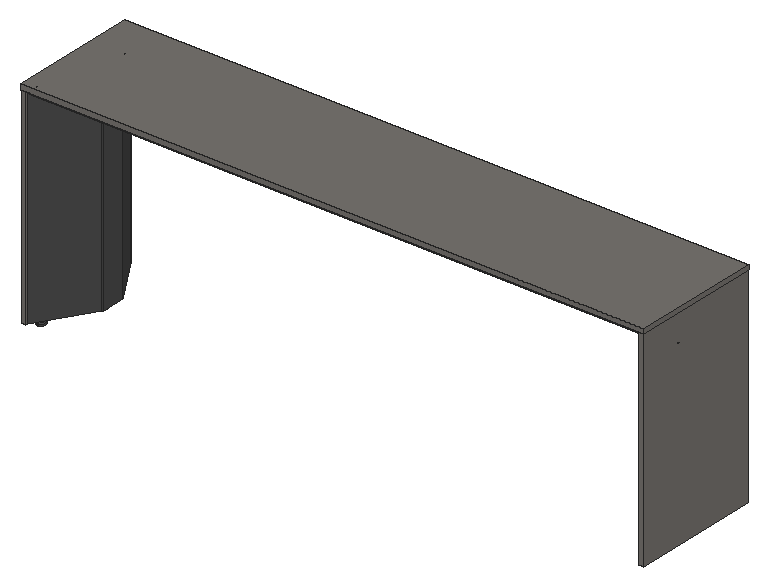
Revit family "Steelcase Turnstone - Campfire - Slim Table", category Furniture, Revit 2016
Family settings
  Work Plane-Based = No
  Always vertical = Yes
  Cut with Voids When Loaded = No
  Shared = No
  Room Calculation Point = No
Parameters (values of type "66W")
  URL = "https://www.steelcase.com"
  Top [instance] = Steelcase - 25L6 Blackwood LPL
  Symbol Name = "TS4TPST"
  Style Number(s) = "TS4TPST"
  Release Date = "April 2018"  # constant formula
  Receptacle = Steelcase - 6249 Platinum Solid
  Product Line = "Turnstone"  # constant formula
  Product = "Campfire"  # constant formula
  Power Cord = Steelcase - 6205 Black
  Opaque [instance] = yes
  Manufacturer = "Steelcase"  # constant formula
  Description = ""
  Copyright = "© 2010 Steelcase Inc."  # constant formula
  AutoCAD Tag = "66/14"
  Authoring Version = "Revit 2016"  # constant formula
  Assembly Code = "E2020200"
Reference planes (in)
  plane 1 "Center Front/Back": y = 0
  plane 2 "Bottom": z = 0
  plane 3 "Center Left/Right": x = 0
  plane 4: x = 66
  plane 5: z = 23.07396
  plane 6: z = 22.559
  plane 7: z = 0.3189
  plane 8: y = -0.0395
  plane 9: y = -13.78576
  plane 10: y = -13.82513
  plane 11: x = 0.07855
  plane 12: x = 65.92143
  plane 13: x = 65.40648
  plane 14: x = 0.59351
  plane 15: x = 0.77099
  plane 16: through (0, -12.76328, 22.1769) normal (0, -0.5736, -0.8192)
  plane 17: through (0, -1.06557, 22.1744) normal (0, -0.5736, 0.8192)
  plane 18: y = -6.91257
Forms (in)
  Extrusion 1, solid, material "Steelcase - 25L6 Blackwood LPL" <- "Top"
    sketch origin (0, 0, 0) x (1, 0, 0) y (0, 1, 0)
      loop
        line (0, -0.0395) -> (0, -13.82513) -> (66, -13.82513) -> (66, -0.0395) -> (0, -0.0395)
    from 22.559 to 23.07396
  Extrusion 2, solid, material "Steelcase - 25L6 Blackwood LPL"
    sketch origin (0, 0, 0) x (1, 0, 0) y (0, 0, 1)
      loop
        line (0.07855, 22.559) -> (0.07855, 0.48902) -> (0.59351, 0.48902) -> (0.59351, 22.559) -> (0.07855, 22.559)
      loop
        line (65.40648, 22.559) -> (65.40648, 0.48902) -> (65.92143, 0.48902) -> (65.92143, 22.559) -> (65.40648, 22.559)
    from 0.0395 to 13.78576
  Extrusion 3, solid, material "Steelcase - 6205 Black" <- "Power Cord"
    sketch origin (0, 0, 0) x (1, 0, 0) y (0, 1, 0)
      loop
        arc (0.59351, -13.6349) -> (0.64317, -13.70086) -> (0.72029, -13.67137) r 0.06863
        line (0.72029, -13.67137) -> (4.05531, -8.16663)
        arc (4.05531, -8.16663) -> (4.10547, -8.05437) -> (4.12264, -7.93262) r 0.44037
        line (4.12264, -7.93262) -> (4.12264, -5.48077)
        arc (4.12264, -5.48077) -> (4.11027, -5.39301) -> (4.07411, -5.3121) r 0.3174
        line (4.07411, -5.3121) -> (0.72112, -0.15522)
        arc (0.72112, -0.15522) -> (0.6435, -0.12554) -> (0.59351, -0.19193) r 0.06908
        line (0.59351, -0.19193) -> (0.59351, -13.6349)
    from 0.48902 to 22.559
  Extrusion 4, solid, material "Steelcase - 6205 Black" <- "Power Cord"
    sketch origin (66, 0, 0) x (-1, 0, 0) y (0, -1, 0)
      loop
        line (0.59352, 13.63489) -> (0.59352, 0.19194)
        arc (0.59352, 0.19194) -> (0.6435, 0.12555) -> (0.72113, 0.15523) r 0.06908
        line (0.72113, 0.15523) -> (4.07411, 5.50035)
        arc (4.07411, 5.50035) -> (4.11027, 5.58126) -> (4.12264, 5.66902) r 0.3174
        line (4.12264, 5.66902) -> (4.12264, 8.12087)
        arc (4.12264, 8.12087) -> (4.10547, 8.24263) -> (4.05531, 8.35489) r 0.44037
        line (4.05531, 8.35489) -> (0.72029, 13.67136)
        arc (0.72029, 13.67136) -> (0.64318, 13.70085) -> (0.59352, 13.63489) r 0.06863
    from 0.48902 to 22.559
  Extrusion 5, solid, material "Steelcase - 6205 Black" <- "Power Cord"
    sketch origin (0, 0, 0) x (0, 1, 0) y (0, 0, 1)
      loop
        line (-0.20242, 22.559) -> (-1.15132, 22.559)
        arc (-1.15132, 22.559) -> (-1.22632, 22.50968) -> (-1.21076, 22.42128) r 0.08169
        line (-1.21076, 22.42128) -> (-1.06924, 22.27112)
        arc (-1.06924, 22.27112) -> (-1.05843, 22.23922) -> (-1.07548, 22.21018) r 0.04049
        line (-1.07548, 22.21018) -> (-5.47515, 19.1295)
        arc (-5.47515, 19.1295) -> (-5.58153, 19.07704) -> (-5.69875, 19.059) r 0.38984
        line (-5.69875, 19.059) -> (-8.14973, 19.059)
        arc (-8.14973, 19.059) -> (-8.24496, 19.07369) -> (-8.33135, 19.11639) r 0.31607
        line (-8.33135, 19.11639) -> (-12.74749, 22.21713)
        arc (-12.74749, 22.21713) -> (-12.76574, 22.24882) -> (-12.75322, 22.28318) r 0.0433
        line (-12.75322, 22.28318) -> (-12.60914, 22.42726)
        arc (-12.60914, 22.42726) -> (-12.59241, 22.51136) -> (-12.66371, 22.559) r 0.07717
        line (-12.66371, 22.559) -> (-13.62482, 22.559)
        arc (-13.62482, 22.559) -> (-13.6991, 22.50755) -> (-13.67706, 22.41992) r 0.07935
        line (-13.67706, 22.41992) -> (-13.49349, 22.25937) -> (-13.65968, 22.4494)
        arc (-13.65968, 22.4494) -> (-13.66679, 22.49761) -> (-13.62582, 22.524) r 0.04498
        line (-13.62582, 22.524) -> (-12.66501, 22.524)
        arc (-12.66501, 22.524) -> (-12.62555, 22.49764) -> (-12.63481, 22.45109) r 0.04271
        line (-12.63481, 22.45109) -> (-12.775, 22.3109)
        arc (-12.775, 22.3109) -> (-12.80038, 22.24117) -> (-12.76328, 22.1769) r 0.0878
        line (-12.76328, 22.1769) -> (-8.35225, 19.08827)
        arc (-8.35225, 19.08827) -> (-8.25528, 19.04045) -> (-8.14841, 19.024) r 0.3554
        line (-8.14841, 19.024) -> (-5.65046, 19.024)
        arc (-5.65046, 19.024) -> (-5.56877, 19.03657) -> (-5.49464, 19.07313) r 0.27165
        line (-5.49464, 19.07313) -> (-1.06557, 22.1744)
        arc (-1.06557, 22.1744) -> (-1.02692, 22.24135) -> (-1.05336, 22.31399) r 0.09146
        line (-1.05336, 22.31399) -> (-1.1922, 22.45283)
        arc (-1.1922, 22.45283) -> (-1.20124, 22.49826) -> (-1.16272, 22.524) r 0.04169
        line (-1.16272, 22.524) -> (-0.19684, 22.524)
        arc (-0.19684, 22.524) -> (-0.15696, 22.4983) -> (-0.16387, 22.45136) r 0.0438
        line (-0.16387, 22.45136) -> (-0.33178, 22.25937) -> (-0.1497, 22.41862)
        arc (-0.1497, 22.41862) -> (-0.12745, 22.50707) -> (-0.20242, 22.559) r 0.08009
    from 0.59351 to 65.40648
  Extrusion 6, solid, material "Steelcase - 6249 Platinum Solid" <- "Receptacle"
    sketch origin (0, -12.76328, 22.1769) x (0, -0.819152, 0.573576) y (-1, 0, 0)
      loop
        line (-2.86306, -31.42039) -> (-4.61306, -31.42039) -> (-4.61306, -34.56436) -> (-2.86306, -34.56436) -> (-2.86306, -31.42039)
    from 0 to 0.04463
  Extrusion 7, solid, material "Steelcase - 6249 Platinum Solid" <- "Receptacle"
    sketch origin (0, -1.06186, 22.1769) x (0, 0.819152, 0.573576) y (1, 0, 0)
      loop
        line (-2.86306, 31.42039) -> (-2.86306, 34.56436) -> (-4.61306, 34.56436) -> (-4.61306, 31.42039) -> (-2.86306, 31.42039)
    from 0 to 0.04463
  Extrusion 8, solid, material "Steelcase - 6249 Platinum Solid" <- "Receptacle"
    sketch origin (0, -12.76328, 22.1769) x (0, -0.819152, 0.573576) y (-1, 0, 0)
      loop
        line (-3.25082, -32.46251) -> (-4.56921, -32.46251) -> (-4.56921, -33.53278) -> (-3.25082, -33.53278) -> (-3.25082, -32.46251)
      loop
        line (-3.44486, -32.68499) -> (-4.02505, -32.68499) -> (-4.02505, -32.8133) -> (-3.44486, -32.8133) -> (-3.44486, -32.68499)
      loop
        line (-3.47839, -33.18299) -> (-3.97839, -33.18299) -> (-3.97839, -33.30767) -> (-3.47839, -33.30767) -> (-3.47839, -33.18299)
      loop
        line (-4.08234, -32.88399) -> (-4.18534, -32.88399) -> (-4.18534, -33.11599) -> (-4.08234, -33.11599) -> (-3.96634, -32.99984) -> (-4.08234, -32.88399)
    from 0 to 0.17324
  Extrusion 9, solid, material "Steelcase - 6249 Platinum Solid" <- "Receptacle"
    sketch origin (0, -1.06186, 22.1769) x (0, 0.819152, 0.573576) y (1, 0, 0)
      loop
        line (-3.25082, 32.46251) -> (-3.25082, 33.53278) -> (-4.56921, 33.53278) -> (-4.56921, 32.46251) -> (-3.25082, 32.46251)
      loop
        line (-3.44486, 32.68499) -> (-3.44486, 32.8133) -> (-4.02505, 32.8133) -> (-4.02505, 32.68499) -> (-3.44486, 32.68499)
      loop
        line (-3.47839, 33.18299) -> (-3.47839, 33.30767) -> (-3.97839, 33.30767) -> (-3.97839, 33.18299) -> (-3.47839, 33.18299)
      loop
        line (-4.08234, 32.88399) -> (-3.96634, 32.99984) -> (-4.08234, 33.11599) -> (-4.18534, 33.11599) -> (-4.18534, 32.88399) -> (-4.08234, 32.88399)
    from 0 to 0.17324
  Revolve 10, solid, material "Steelcase - 6205 Black"
    sketch origin (0.90625, 0, 0) x (0, 1, 0) y (0, 0, 1)
      loop
        line (-1.38728, 1.44086) -> (-1.38728, 0) -> (-0.9493, 0) -> (-0.9493, 0.11883)
        arc (-0.9493, 0.11883) -> (-1.04963, 0.19109) -> (-1.088, 0.30864) r 0.19921
        line (-1.088, 0.30864) -> (-1.088, 0.44428) -> (-1.22845, 0.44428) -> (-1.22845, 1.40005) -> (-1.27149, 1.44086) -> (-1.38728, 1.44086)
      axis (-1.38728, 1.44086) -> (-1.38728, 0)
    angle from 0 to 360
  Revolve 11, solid, material "Steelcase - 6205 Black"
    sketch origin (0.90625, -10.81162, 0) x (0, 1, 0) y (0, 0, 1)
      loop
        line (-1.38728, 1.44086) -> (-1.38728, 0) -> (-0.9493, 0) -> (-0.9493, 0.11883)
        arc (-0.9493, 0.11883) -> (-1.04963, 0.19109) -> (-1.088, 0.30864) r 0.19921
        line (-1.088, 0.30864) -> (-1.088, 0.44428) -> (-1.22845, 0.44428) -> (-1.22845, 1.40005) -> (-1.27149, 1.44086) -> (-1.38728, 1.44086)
      axis (-1.38728, 1.44086) -> (-1.38728, 0)
    angle from 0 to 360
  Revolve 12, solid, material "Steelcase - 6205 Black"
    sketch origin (3.19193, -5.40123, 0) x (0, 1, 0) y (0, 0, 1)
      loop
        line (-1.38728, 1.44086) -> (-1.38728, 0) -> (-0.9493, 0) -> (-0.9493, 0.11883)
        arc (-0.9493, 0.11883) -> (-1.04963, 0.19109) -> (-1.088, 0.30864) r 0.19921
        line (-1.088, 0.30864) -> (-1.088, 0.44428) -> (-1.22845, 0.44428) -> (-1.22845, 1.40005) -> (-1.27149, 1.44086) -> (-1.38728, 1.44086)
      axis (-1.38728, 1.44086) -> (-1.38728, 0)
    angle from 0 to 360
  Revolve 13, solid, material "Steelcase - 6205 Black"
    sketch origin (64.8133, 0, 0) x (0, 1, 0) y (0, 0, -1)
      loop
        line (-1.38728, -1.44086) -> (-1.27149, -1.44086) -> (-1.22845, -1.40005) -> (-1.22845, -0.44428) -> (-1.088, -0.44428) -> (-1.088, -0.30864)
        arc (-1.088, -0.30864) -> (-1.04963, -0.19109) -> (-0.9493, -0.11883) r 0.19921
        line (-0.9493, -0.11883) -> (-0.9493, 0) -> (-1.38728, 0) -> (-1.38728, -1.44086)
      axis (-1.38728, -1.44086) -> (-1.38728, 0)
    angle from 0 to 360
  Revolve 14, solid, material "Steelcase - 6205 Black"
    sketch origin (64.8133, -10.81162, 0) x (0, 1, 0) y (0, 0, -1)
      loop
        line (-1.38728, -1.44086) -> (-1.27149, -1.44086) -> (-1.22845, -1.40005) -> (-1.22845, -0.44428) -> (-1.088, -0.44428) -> (-1.088, -0.30864)
        arc (-1.088, -0.30864) -> (-1.04963, -0.19109) -> (-0.9493, -0.11883) r 0.19921
        line (-0.9493, -0.11883) -> (-0.9493, 0) -> (-1.38728, 0) -> (-1.38728, -1.44086)
      axis (-1.38728, -1.44086) -> (-1.38728, 0)
    angle from 0 to 360
  Revolve 15, solid, material "Steelcase - 6205 Black"
    sketch origin (62.52762, -5.40123, 0) x (0, 1, 0) y (0, 0, -1)
      loop
        line (-1.38728, -1.44086) -> (-1.27149, -1.44086) -> (-1.22845, -1.40005) -> (-1.22845, -0.44428) -> (-1.088, -0.44428) -> (-1.088, -0.30864)
        arc (-1.088, -0.30864) -> (-1.04963, -0.19109) -> (-0.9493, -0.11883) r 0.19921
        line (-0.9493, -0.11883) -> (-0.9493, 0) -> (-1.38728, 0) -> (-1.38728, -1.44086)
      axis (-1.38728, -1.44086) -> (-1.38728, 0)
    angle from 0 to 360
Lines and regions (in)
  Masking region 1, visible <- "Opaque"
    outline origin (0, 0, 0) x (1, 0, 0) y (0, 1, 0)
      loop
        line (66, 0) -> (0, 0) -> (0, -13.82513) -> (66, -13.82513) -> (66, 0)
  symbolic lines, style "Steelcase Furniture"
    curve 1: line (0, 0, 0) -> (66, 0, 0)
    curve 2: line (0, -13.82513, 0) -> (0, 0, 0)
    curve 3: line (66, -13.82513, 0) -> (0, -13.82513, 0)
    curve 4: line (66, 0, 0) -> (66, -13.82513, 0)
Dimensions and locks (in)
  locked: plane 7 to plane 2 "Bottom" at 0.3189
  plane 3 "Center Left/Right" to plane 11 to plane 14 = 0.07855" locked, 0.51496" locked
  plane 13 to plane 12 to plane 4 = 0.51495" locked, 0.07857" locked
  equal spacing: plane 1 "Center Front/Back", plane 18, plane 10
  aligned and locked: level to plane 2 "Bottom"
  aligned and locked: plane 5 to Extrusion 1
  aligned and locked: Extrusion 1 to plane 6
  aligned and locked: Extrusion 1 to plane 8
  aligned and locked: plane 9 to Extrusion 2
  aligned and locked: plane 10 to Extrusion 1
  aligned and locked: plane 6 to Extrusion 2  (x2)
  aligned and locked: Extrusion 2 to plane 9  (x2)
  aligned and locked: Extrusion 2 to plane 8
  aligned and locked: plane 14 to Extrusion 3 sketch curve
  aligned and locked: plane 6 to Extrusion 3
  aligned and locked: Extrusion 4 to plane 13
  aligned and locked: plane 13 to Extrusion 2
  aligned and locked: plane 14 to Extrusion 2
Automatic sketch dimensions
  curve 3 to plane 3 "Center Left/Right" = 0.00"
  curve 3 to plane 4 = 0.00"
  plane 10 to curve 3 = 0.00"
  plane 1 "Center Front/Back" to curve 2 = 0.00"
  Extrusion 1 sketch curve to plane 3 "Center Left/Right" = 0.00"
  Extrusion 1 sketch curve to plane 4 = 0.00"
  plane 10 to Extrusion 1 sketch curve = 0.00"
  plane 8 to Extrusion 1 sketch curve = 0.00"
  Extrusion 2 sketch curve to plane 11 = 0.00"
  Extrusion 2 sketch curve to plane 14 = 0.00"
  Extrusion 2 sketch curve to plane 6 = 0.00"  (x2)
  plane 13 to Extrusion 2 sketch curve = 0.00"
  plane 12 to Extrusion 2 sketch curve = 0.00"
  plane 7 to Extrusion 2 sketch curve = 0.17012"  (x2)
  plane 1 "Center Front/Back" to Masking region 1 sketch curve = 0.00"
  Masking region 1 sketch curve to plane 3 "Center Left/Right" = 0.00"
  Masking region 1 sketch curve to plane 4 = 0.00"
  plane 10 to Masking region 1 sketch curve = 0.00"
  Extrusion 3 sketch curve to Extrusion 3 sketch curve = 0.06863"
  Extrusion 3 sketch curve to Extrusion 3 sketch curve = 0.06908"
  Extrusion 3 sketch curve to plane 15 = 0.0507"
  Extrusion 3 sketch curve to plane 15 = 0.04987"
  plane 15 to Extrusion 3 sketch curve = 2.91128"
  Extrusion 3 sketch curve to Extrusion 3 sketch curve = 0.12296"
  plane 18 to Extrusion 3 sketch curve = 1.25407"
  Extrusion 3 sketch curve to Extrusion 3 sketch curve = 0.37305"
  Extrusion 3 sketch curve to plane 18 = 1.60047"
  Extrusion 3 sketch curve to Extrusion 3 sketch curve = 0.26888"
  Extrusion 3 sketch curve to Extrusion 3 sketch curve = 0.04852"
  Extrusion 3 sketch curve to plane 9 = 0.15086"
  plane 8 to Extrusion 3 sketch curve = 0.15243"
  Extrusion 4 sketch curve to plane 13 = 0.00"
  Extrusion 4 sketch curve to Extrusion 4 sketch curve = 0.06863"
  Extrusion 4 sketch curve to Extrusion 4 sketch curve = 0.06908"
  plane 9 to Extrusion 4 sketch curve = 0.1144"
  Extrusion 4 sketch curve to Extrusion 4 sketch curve = 0.05814"
  Extrusion 4 sketch curve to plane 8 = 0.11573"
  Extrusion 4 sketch curve to Extrusion 4 sketch curve = 0.05852"
  Extrusion 4 sketch curve to plane 13 = 3.08875"
  Extrusion 4 sketch curve to Extrusion 4 sketch curve = 0.12296"
  Extrusion 4 sketch curve to plane 18 = 1.44232"
  Extrusion 4 sketch curve to Extrusion 4 sketch curve = 0.37305"
  plane 18 to Extrusion 4 sketch curve = 1.41222"
  Extrusion 4 sketch curve to Extrusion 4 sketch curve = 0.26888"
  Extrusion 4 sketch curve to Extrusion 4 sketch curve = 0.04852"
  plane 6 to Extrusion 5 sketch curve = 0.00"  (x2)
  Extrusion 5 sketch curve to plane 16 = 0.00"
  plane 16 to Extrusion 5 sketch curve = 0.00"
  Extrusion 5 sketch curve to plane 17 = 0.00"
  Extrusion 5 sketch curve to plane 9 = 0.1087"
  Extrusion 5 sketch curve to Extrusion 5 sketch curve = 0.01738"
  Extrusion 5 sketch curve to Extrusion 5 sketch curve = 0.03386"
  Extrusion 5 sketch curve to Extrusion 5 sketch curve = 0.001"
  Extrusion 5 sketch curve to Extrusion 5 sketch curve = 0.18357"
  Extrusion 5 sketch curve to plane 6 = 0.2481"
  Extrusion 5 sketch curve to Extrusion 5 sketch curve = 0.71849"
  Extrusion 5 sketch curve to plane 6 = 0.3821"
  Extrusion 5 sketch curve to plane 6 = 0.27582"
  Extrusion 5 sketch curve to Extrusion 5 sketch curve = 0.02177"
  Extrusion 5 sketch curve to plane 6 = 0.34187"
  Extrusion 5 sketch curve to Extrusion 5 sketch curve = 0.01579"
  Extrusion 5 sketch curve to Extrusion 5 sketch curve = 0.03062"
  Extrusion 5 sketch curve to Extrusion 5 sketch curve = 0.00969"
  Extrusion 5 sketch curve to plane 6 = 0.035"  (x2)
  Extrusion 5 sketch curve to Extrusion 5 sketch curve = 0.10999"
  Extrusion 5 sketch curve to Extrusion 5 sketch curve = 0.0013"
  Extrusion 5 sketch curve to plane 6 = 0.10791"
  Extrusion 5 sketch curve to Extrusion 5 sketch curve = 0.0289"
  Extrusion 5 sketch curve to plane 6 = 0.13174"
  Extrusion 5 sketch curve to Extrusion 5 sketch curve = 0.02567"
  plane 18 to Extrusion 5 sketch curve = 1.43969"
  Extrusion 5 sketch curve to Extrusion 5 sketch curve = 0.0209"
  Extrusion 5 sketch curve to Extrusion 5 sketch curve = 0.18162"
  Extrusion 5 sketch curve to Extrusion 5 sketch curve = 0.00132"
  Extrusion 5 sketch curve to plane 18 = 1.21381"
  Extrusion 5 sketch curve to Extrusion 5 sketch curve = 0.0483"
  Extrusion 5 sketch curve to Extrusion 5 sketch curve = 0.15581"
  Extrusion 5 sketch curve to Extrusion 5 sketch curve = 0.01949"
  Extrusion 5 sketch curve to plane 6 = 0.13771"
  plane 8 to Extrusion 5 sketch curve = 1.17126"
  Extrusion 5 sketch curve to plane 6 = 0.10617"
  Extrusion 5 sketch curve to Extrusion 5 sketch curve = 0.01856"
  Extrusion 5 sketch curve to Extrusion 5 sketch curve = 0.02948"  (x2)
  Extrusion 5 sketch curve to Extrusion 5 sketch curve = 0.0114"
  Extrusion 5 sketch curve to Extrusion 5 sketch curve = 0.09273"
  Extrusion 5 sketch curve to Extrusion 5 sketch curve = 0.01933"
  Extrusion 5 sketch curve to plane 6 = 0.34881"
  Extrusion 5 sketch curve to Extrusion 5 sketch curve = 0.02322"
  Extrusion 5 sketch curve to plane 6 = 0.28788"
  Extrusion 5 sketch curve to Extrusion 5 sketch curve = 0.02946"
  Extrusion 5 sketch curve to plane 6 = 0.3846"
  Extrusion 5 sketch curve to plane 6 = 0.24501"
  Extrusion 5 sketch curve to Extrusion 5 sketch curve = 0.01588"
  plane 8 to Extrusion 5 sketch curve = 0.29227"
  Extrusion 5 sketch curve to plane 6 = 0.08009"
  plane 8 to Extrusion 5 sketch curve = 0.16292"
  Extrusion 5 sketch curve to Extrusion 5 sketch curve = 0.00558"
  Extrusion 5 sketch curve to Extrusion 5 sketch curve = 0.03297"
  Extrusion 5 sketch curve to Extrusion 5 sketch curve = 0.01417"
  Extrusion 5 sketch curve to Extrusion 5 sketch curve = 0.01515"
  Extrusion 5 sketch curve to Extrusion 5 sketch curve = 0.01413"
  Extrusion 5 sketch curve to Extrusion 5 sketch curve = 0.035"
  Extrusion 5 sketch curve to Extrusion 5 sketch curve = 0.02812"
  Extrusion 5 sketch curve to Extrusion 5 sketch curve = 0.05637"
  Extrusion 5 sketch curve to Extrusion 5 sketch curve = 0.15925"
  Extrusion 5 sketch curve to Extrusion 5 sketch curve = 0.26463"
  Extrusion 5 sketch curve to Extrusion 5 sketch curve = 0.10408"
  Extrusion 5 sketch curve to Extrusion 5 sketch curve = 0.03274"
  plane 15 to Extrusion 6 sketch curve = 30.6494"
  Extrusion 6 sketch curve to Extrusion 6 sketch curve = 1.75"
  Extrusion 6 sketch curve to Extrusion 6 sketch curve = 3.14397"
  plane 15 to Extrusion 7 sketch curve = 30.6494"
  Extrusion 7 sketch curve to Extrusion 7 sketch curve = 1.75"
  Extrusion 7 sketch curve to Extrusion 7 sketch curve = 3.14397"
  plane 15 to Extrusion 8 sketch curve = 31.69152"
  Extrusion 8 sketch curve to Extrusion 8 sketch curve = 0.38387"
  plane 13 to Extrusion 8 sketch curve = 32.29049"
  Extrusion 8 sketch curve to Extrusion 8 sketch curve = 0.00"
  Extrusion 8 sketch curve to Extrusion 8 sketch curve = 0.103"  (x2)
  Extrusion 8 sketch curve to Extrusion 8 sketch curve = 0.05729"
  Extrusion 8 sketch curve to Extrusion 8 sketch curve = 0.10394"
  plane 15 to Extrusion 8 sketch curve = 32.22885"
  Extrusion 8 sketch curve to Extrusion 8 sketch curve = 0.116"
  Extrusion 8 sketch curve to Extrusion 8 sketch curve = 0.50"
  Extrusion 8 sketch curve to Extrusion 8 sketch curve = 0.03354"
  Extrusion 8 sketch curve to Extrusion 8 sketch curve = 0.19404"
  Extrusion 8 sketch curve to Extrusion 8 sketch curve = 0.067"
  Extrusion 8 sketch curve to Extrusion 8 sketch curve = 0.12468"
  Extrusion 8 sketch curve to Extrusion 8 sketch curve = 0.41679"
  Extrusion 8 sketch curve to Extrusion 8 sketch curve = 0.11585"
  Extrusion 8 sketch curve to Extrusion 8 sketch curve = 0.07069"
  Extrusion 8 sketch curve to Extrusion 8 sketch curve = 0.12831"
  plane 15 to Extrusion 9 sketch curve = 31.69152"
  Extrusion 9 sketch curve to Extrusion 9 sketch curve = 0.38387"
  plane 13 to Extrusion 9 sketch curve = 32.29049"
  Extrusion 9 sketch curve to Extrusion 9 sketch curve = 0.00"
  Extrusion 9 sketch curve to Extrusion 9 sketch curve = 0.103"  (x2)
  Extrusion 9 sketch curve to Extrusion 9 sketch curve = 0.05729"
  Extrusion 9 sketch curve to Extrusion 9 sketch curve = 0.10394"
  plane 15 to Extrusion 9 sketch curve = 32.22885"
  Extrusion 9 sketch curve to Extrusion 9 sketch curve = 0.116"
  Extrusion 9 sketch curve to Extrusion 9 sketch curve = 0.50"
  Extrusion 9 sketch curve to Extrusion 9 sketch curve = 0.03354"
  Extrusion 9 sketch curve to Extrusion 9 sketch curve = 0.19404"
  Extrusion 9 sketch curve to Extrusion 9 sketch curve = 0.22248"
  Extrusion 9 sketch curve to Extrusion 9 sketch curve = 0.12831"
  Extrusion 9 sketch curve to Extrusion 9 sketch curve = 0.07069"
  Extrusion 9 sketch curve to Extrusion 9 sketch curve = 0.067"
  Extrusion 9 sketch curve to Extrusion 9 sketch curve = 0.12468"
  Extrusion 9 sketch curve to Extrusion 9 sketch curve = 0.22511"
  level to Revolve 10 sketch curve = 0.00"
  plane 8 to Revolve 10 sketch curve = 1.34777"
  Revolve 10 sketch curve to Revolve 10 sketch curve = 0.11579"
  Revolve 10 sketch curve to Revolve 10 sketch curve = 0.04304"
  Revolve 10 sketch curve to Revolve 10 sketch curve = 0.14045"
  Revolve 10 sketch curve to Revolve 10 sketch curve = 0.13871"
  Revolve 10 sketch curve to plane 7 = 0.01026"
  Revolve 10 sketch curve to Revolve 10 sketch curve = 0.19921"
  plane 7 to Revolve 10 sketch curve = 0.12538"
  Revolve 10 sketch curve to Revolve 10 sketch curve = 0.95577"
  Revolve 10 sketch curve to Revolve 10 sketch curve = 0.04081"
  Revolve 10 sketch curve to Revolve 10 sketch curve = 0.00"  (x2)
  Revolve 10 sketch curve to Revolve 10 sketch curve = 0.14577"
  level to Revolve 11 sketch curve = 0.00"
  Revolve 11 sketch curve to plane 9 = 1.58687"
  Revolve 11 sketch curve to Revolve 11 sketch curve = 0.11579"
  Revolve 11 sketch curve to Revolve 11 sketch curve = 0.04304"
  Revolve 11 sketch curve to Revolve 11 sketch curve = 0.14045"
  Revolve 11 sketch curve to Revolve 11 sketch curve = 0.13871"
  Revolve 11 sketch curve to plane 7 = 0.01026"
  Revolve 11 sketch curve to Revolve 11 sketch curve = 0.19921"
  plane 7 to Revolve 11 sketch curve = 0.12538"
  Revolve 11 sketch curve to Revolve 11 sketch curve = 0.95577"
  Revolve 11 sketch curve to Revolve 11 sketch curve = 0.04081"
  Revolve 11 sketch curve to Revolve 11 sketch curve = 0.00"  (x2)
  Revolve 11 sketch curve to Revolve 11 sketch curve = 0.14577"
  level to Revolve 12 sketch curve = 0.00"
  Revolve 12 sketch curve to plane 18 = 0.12406"
  Revolve 12 sketch curve to Revolve 12 sketch curve = 0.11579"
  Revolve 12 sketch curve to Revolve 12 sketch curve = 0.04304"
  Revolve 12 sketch curve to Revolve 12 sketch curve = 0.14045"
  Revolve 12 sketch curve to Revolve 12 sketch curve = 0.13871"
  Revolve 12 sketch curve to plane 7 = 0.01026"
  Revolve 12 sketch curve to Revolve 12 sketch curve = 0.19921"
  plane 7 to Revolve 12 sketch curve = 0.12538"
  Revolve 12 sketch curve to Revolve 12 sketch curve = 0.95577"
  Revolve 12 sketch curve to Revolve 12 sketch curve = 0.04081"
  Revolve 12 sketch curve to Revolve 12 sketch curve = 0.00"  (x2)
  Revolve 12 sketch curve to Revolve 12 sketch curve = 0.14577"
  Revolve 13 sketch curve to level = 0.00"
  plane 8 to Revolve 13 sketch curve = 1.34777"
  Revolve 13 sketch curve to Revolve 13 sketch curve = 0.11579"
  Revolve 13 sketch curve to Revolve 13 sketch curve = 0.04304"
  Revolve 13 sketch curve to Revolve 13 sketch curve = 0.14045"
  Revolve 13 sketch curve to Revolve 13 sketch curve = 0.13871"
  Revolve 13 sketch curve to plane 7 = 0.01026"
  Revolve 13 sketch curve to Revolve 13 sketch curve = 0.19921"
  plane 7 to Revolve 13 sketch curve = 0.12538"
  Revolve 13 sketch curve to Revolve 13 sketch curve = 0.95577"
  Revolve 13 sketch curve to Revolve 13 sketch curve = 0.04081"
  Revolve 13 sketch curve to Revolve 13 sketch curve = 0.00"  (x2)
  Revolve 13 sketch curve to Revolve 13 sketch curve = 0.14577"
  Revolve 14 sketch curve to level = 0.00"
  Revolve 14 sketch curve to plane 9 = 1.58687"
  Revolve 14 sketch curve to Revolve 14 sketch curve = 0.11579"
  Revolve 14 sketch curve to Revolve 14 sketch curve = 0.04304"
  Revolve 14 sketch curve to Revolve 14 sketch curve = 0.14045"
  Revolve 14 sketch curve to Revolve 14 sketch curve = 0.13871"
  Revolve 14 sketch curve to plane 7 = 0.01026"
  Revolve 14 sketch curve to Revolve 14 sketch curve = 0.19921"
  plane 7 to Revolve 14 sketch curve = 0.12538"
  Revolve 14 sketch curve to Revolve 14 sketch curve = 0.95577"
  Revolve 14 sketch curve to Revolve 14 sketch curve = 0.04081"
  Revolve 14 sketch curve to Revolve 14 sketch curve = 0.00"  (x2)
  Revolve 14 sketch curve to Revolve 14 sketch curve = 0.14577"
  Revolve 15 sketch curve to level = 0.00"
  Revolve 15 sketch curve to plane 18 = 0.12406"
  Revolve 15 sketch curve to Revolve 15 sketch curve = 0.11579"
  Revolve 15 sketch curve to Revolve 15 sketch curve = 0.04304"
  Revolve 15 sketch curve to Revolve 15 sketch curve = 0.14045"
  Revolve 15 sketch curve to Revolve 15 sketch curve = 0.13871"
  Revolve 15 sketch curve to plane 7 = 0.01026"
  Revolve 15 sketch curve to Revolve 15 sketch curve = 0.19921"
  plane 7 to Revolve 15 sketch curve = 0.12538"
  Revolve 15 sketch curve to Revolve 15 sketch curve = 0.95577"
  Revolve 15 sketch curve to Revolve 15 sketch curve = 0.04081"
  Revolve 15 sketch curve to Revolve 15 sketch curve = 0.00"  (x2)
  Revolve 15 sketch curve to Revolve 15 sketch curve = 0.14577"
